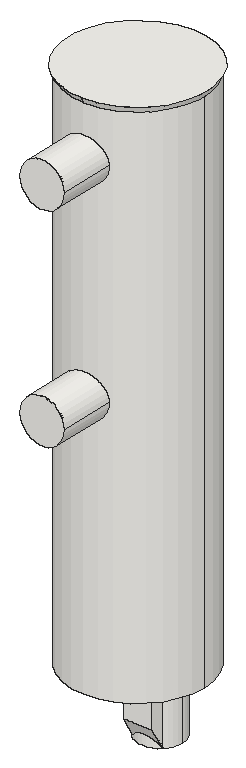
Revit family "DSDR0131_REVIT", category Generic Models, Revit 2017
Family settings
  Can host rebar = No
  Round Connector Dimension = Use Diameter
  Part Type = Normal
  Work Plane-Based = No
  Always vertical = Yes
  Cut with Voids When Loaded = No
  Shared = No
  Room Calculation Point = No
Parameters
  Website = "https://dolphy.in/"  # constant formula
  Contact number = "+91 9520202035"  # constant formula
  Contact email = "info@dolphy.in"  # constant formula
  Company name = "Dolphy India"  # constant formula
Reference planes
  plane 1 "Center (Front/Back)": y = 0
  plane 2: z = 0
  plane 3 "Center (Left/Right)": x = 0
Forms (mm)
  Extrusion 1, solid, material "SILVER"
    sketch origin (0, 0, -25) x (1, 0, 0) y (0, 1, 0)
      loop
        circle (0, 0) r 30
    from 25 to 265
  Extrusion 2, solid, material "SILVER"
    sketch origin (15.864, 12.87, 0) x (1, 0, 0) y (0, 1, 0)
      loop
        circle (-16.028, 0.043) r 10
    from -35 to 0
  Extrusion 3, solid, material "SILVER"
    sketch origin (0, 0, 0) x (1, 0, 0) y (0, 0, 1)
      loop
        circle (-0.364, 214.679) r 10
    from 28.164 to 53
  Extrusion 4, solid, material "SILVER"
    sketch origin (0, 0, -95) x (1, 0, 0) y (0, 0, 1)
      loop
        circle (-0.364, 214.679) r 10
    from 28.164 to 53
  Extrusion 5, solid, material "SILVER"
    sketch origin (-0.625, 0, 0) x (0, 1, 0) y (0, 0, 1)
      loop
        line (5.647, -34.839) -> (5.647, 0) -> (-2.446, 0) -> (-2.446, -7.51) -> (0, -9.956) -> (0, -25.058) -> (5.647, -34.839)
    from -5.511 to 7.14
  Revolve 6, solid, material "SILVER"
    sketch origin (0, 0, 0) x (0, 1, 0) y (0, 0, 1)
      loop
        line (30, 240) -> (30, 237.552) -> (31.127, 240) -> (30, 240)
      axis (0, 240) -> (0, 237.552)
    angle from 0 to 360
Cuts and joins
  joined: Extrusion 1, Extrusion 5, Revolve 6
Dimensions and locks
  aligned and locked: level to plane 2
  aligned and locked: Revolve 6 sketch curve to Extrusion 1
  aligned and locked: Extrusion 3 to Extrusion 4
